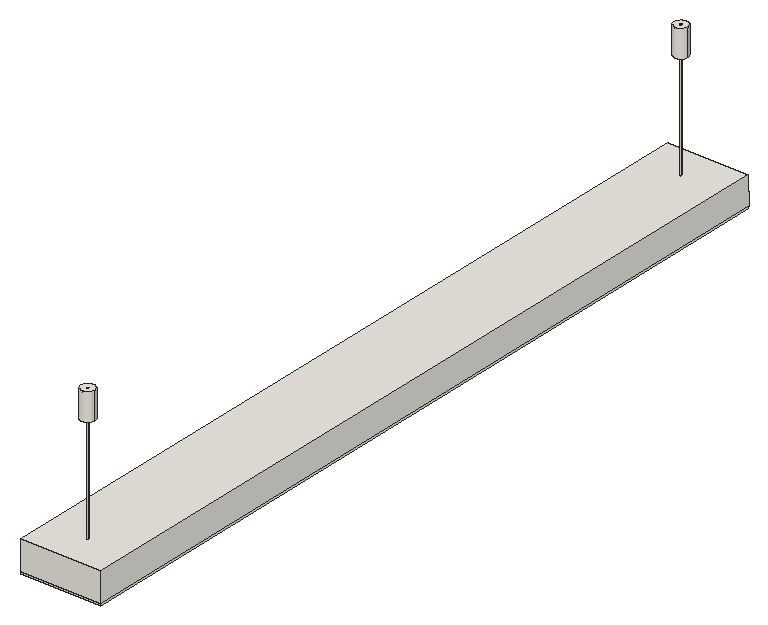
Revit family "ERA_LF_PR_SPO-532", category Осветительные приборы, Revit 2019 (continued)
Types (4, lengths in mm): name | built-in parameter 1150134 | Файл фотометрической сетки | built-in parameter 1150142 | _УГО_Длина | _УГО_Диаметр | Lumens | Emit from Rectangle Length | _Корпус_Длина | built-in parameter 1150107 | _Подвес_Расстояние | URL | ADSK_Размер_Длина | ADSK_Полная мощность | ADSK_Номинальная мощность | ADSK_Масса | ADSK_Марка | ADSK_Обозначение | ADSK_Наименование
  SPO-532-0-65K-036, LED, IP20, 1200х60х23 мм (ДхШхВ), 36 Вт, 6500 К, 3300 лм, класс защиты I, в комплекте (импульсный драйвер, поликарбонат) | SPO-532-0-40K-018.ies | "SPO-532-0-65K-036.ies" | "IESNA:LM-63-1995\r\n[DATA] 14.08.2014\r\n[MANUFAC]??ÐÀ\r\n[LUMCAT] \r\n[LUMINAIRE]  SPO-532-0-65K-036\r\n[LAMP] LED\r\nTILT=NONE\r\n1 3500 3.302 46 37 1 2 1.200 0.060 0.023\r\n1 1 35.6\r\n0.0000 2.0000 4.0000 6.0000 8.0000 10.0000 12.0000 14.0000 16.0000 18.0000 20.0000 22.0000 24.0000 26.0000 28.0000 30.0000 32.0000 34.0000 36.0000 38.0000 40.0000 42.0000 44.0000 46.0000 48.0000 50.0000 52.0000 54.0000 56.0000 58.0000 60.0000 62.0000 64.0000 66.0000 68.0000 70.0000 72.0000 74.0000 76.0000 78.0000 80.0000 82.0000 84.0000 86.0000 88.0000 90.0000 \r\n0.0000 10.0000 20.0000 30.0000 40.0000 50.0000 60.0000 70.0000 80.0000 90.0000 100.0000 110.0000 120.0000 130.0000 140.0000 150.0000 160.0000 170.0000 180.0000 190.0000 200.0000 210.0000 220.0000 230.0000 240.0000 250.0000 260.0000 270.0000 280.0000 290.0000 300.0000 310.0000 320.0000 330.0000 340.0000 350.0000 360.0000 \r\n351.8476 351.8476 351.0617 349.4898 347.6558 345.0360 342.4161 338.7483 334.8185 330.3648 325.1250 320.1473 314.1216 308.0959 301.0223 293.9487 286.6130 278.2295 270.6319 261.7243 253.0788 244.1713 234.4778 225.0463 215.0908 204.8733 194.6558 184.4384 173.9589 163.4795 152.4760 141.7346 130.7312 119.9897 108.9863 98.2449 87.7654 77.0240 66.8065 56.5890 46.3716 36.9401 27.7706 18.6010 10.4795 3.1438 \r\n351.8476 351.8318 351.0459 349.4819 347.6558 345.0281 342.4240 338.7325 334.8185 330.3648 325.1408 320.1473 314.1137 308.0801 301.0223 293.9487 286.6051 278.2374 270.6240 261.7243 253.0709 244.1634 234.4699 225.0384 215.0829 204.8733 194.6637 184.4384 173.9668 163.4953 152.4839 141.7425 130.7391 119.9976 109.0100 98.2607 87.7733 77.0556 66.8302 56.6206 46.4032 36.9717 27.7863 18.6247 10.5032 3.1596 \r\n351.8476 351.7863 351.0004 349.4591 347.6558 345.0053 342.4468 338.6870 334.8185 330.3648 325.1863 320.1473 314.0910 308.0346 301.0223 293.9487 286.5824 278.2601 270.6012 261.7243 253.0481 244.1406 234.4471 225.0156 215.0601 204.8733 194.6865 184.4384 173.9896 163.5408 152.5067 141.7652 130.7618 120.0204 109.0782 98.3062 87.7961 77.1466 66.8985 56.7116 46.4942 37.0627 27.8318 18.6930 10.5714 3.2051 \r\n351.8476 351.7166 350.9307 349.4243 347.6558 344.9705 342.4816 338.6173 334.8185 330.3648 325.2560 320.1473 314.0561 307.9649 301.0223 293.9487 286.5475 278.2950 270.5664 261.7243 253.0133 244.1058 234.4123 224.9808 215.0253 204.8733 194.7213 184.4384 174.0244 163.6105 152.5415 141.8001 130.7967 120.0552 109.1828 98.3759 87.8309 77.2860 67.0030 56.8510 46.6336 37.2021 27.9015 18.7975 10.6759 3.2748 \r\n351.8476 351.6311 350.8452 349.3815 347.6558 344.9277 342.5244 338.5318 334.8185 330.3648 325.3415 320.1473 314.0134 307.8794 301.0223 293.9487 286.5048 278.3377 270.5236 261.7243 252.9705 244.0630 234.3695 224.9380 214.9825 204.8733 194.7641 184.4384 174.0672 163.6960 152.5843 141.8428 130.8394 120.0980 109.3111 98.4614 87.8737 77.4570 67.1313 57.0220 46.8046 37.3731 27.9870 18.9258 10.8042 3.3603 \r\n351.8476 351.5401 350.7542 349.3360 347.6558 344.8822 342.5699 338.4408 334.8185 330.3648 325.4325 320.1473 313.9679 307.7884 301.0223 293.9487 286.4593 278.3832 270.4781 261.7243 252.9250 244.0175 234.3240 224.8925 214.9370 204.8733 194.8096 184.4384 174.1127 163.7869 152.6298 141.8883 130.8849 120.1435 109.4475 98.5524 87.9192 77.6389 67.2677 57.2040 46.9865 37.5550 28.0780 19.0623 10.9407 3.4513 \r\n351.8476 351.4546 350.6687 349.2933 347.6558 344.8395 342.6126 338.3553 334.8185 330.3648 325.5180 320.1473 313.9251 307.7029 301.0223 293.9487 286.4165 278.4260 270.4354 261.7243 252.8823 243.9748 234.2813 224.8498 214.8943 204.8733 194.8523 184.4384 174.1554 163.8724 152.6725 141.9311 130.9277 120.1862 109.5758 98.6379 87.9619 77.8099 67.3960 57.3750 47.1575 37.7260 28.1635 19.1905 11.0689 3.5368 \r\n351.8476 351.3849 350.5990 349.2584 347.6558 344.8046 342.6475 338.2856 334.8185 330.3648 325.5877 320.1473 313.8903 307.6332 301.0223 293.9487 286.3817 278.4608 270.4005 261.7243 252.8474 243.9399 234.2464 224.8149 214.8594 204.8733 194.8872 184.4384 174.1903 163.9421 152.7074 141.9659 130.9625 120.2211 109.6803 98.7076 87.9968 77.9493 67.5005 57.5144 47.2969 37.8654 28.2332 19.2950 11.1735 3.6065 \r\n351.8476 351.3395 350.5535 349.2357 347.6558 344.7819 342.6702 338.2401 334.8185 330.3648 325.6332 320.1473 313.8675 307.5877 301.0223 293.9487 286.3589 278.4836 270.3778 261.7243 252.8247 243.9172 234.2237 224.7922 214.8367 204.8733 194.9099 184.4384 174.2130 163.9876 152.7301 141.9887 130.9853 120.2438 109.7486 98.7530 88.0195 78.0403 67.5688 57.6054 47.3879 37.9564 28.2787 19.3633 11.2417 3.6520 \r\n351.8476 351.3237 350.5377 349.2278 347.6558 344.7740 342.6781 338.2243 334.8185 330.3648 325.6490 320.1473 313.8596 307.5719 301.0223 293.9487 286.3510 278.4915 270.3699 261.7243 252.8168 243.9093 234.2158 224.7843 214.8288 204.8733 194.9178 184.4384 174.2209 164.0034 152.7380 141.9966 130.9932 120.2517 109.7723 98.7688 88.0274 78.0719 67.5925 57.6370 47.4195 37.9880 28.2945 19.3870 11.2654 3.6678 \r\n351.8476 351.3237 350.5140 349.2278 347.6242 344.7424 342.6307 338.2006 334.7790 330.2936 325.5700 320.0604 313.7727 307.5008 300.9433 293.8776 286.2799 278.4204 270.2751 261.6295 252.7220 243.8066 234.1210 224.7132 214.7656 204.8259 194.8704 184.4068 174.1893 163.9560 152.7143 141.9650 130.9695 120.2122 109.7328 98.7293 87.9879 78.0087 67.5214 57.5580 47.3405 37.9011 28.2392 19.3080 11.1396 3.6196 \r\n351.8476 351.3237 350.4458 349.2278 347.5333 344.6514 342.4942 338.1324 334.6653 330.0889 325.3425 319.8102 313.5225 307.2961 300.7158 293.6728 286.0752 278.2156 270.0021 261.3566 252.4490 243.5109 233.8480 224.5084 214.5836 204.6894 194.7339 184.3158 174.0983 163.8196 152.6461 141.8740 130.9012 120.0985 109.6190 98.6156 87.8742 77.8267 67.3166 57.3305 47.1131 37.6509 28.0800 19.0805 10.7775 3.4808 \r\n351.8476 351.3237 350.3412 349.2278 347.3939 344.5120 342.2851 338.0278 334.4910 329.7753 324.9940 319.4268 313.1391 306.9825 300.3673 293.3592 285.7616 277.9020 269.5839 260.9384 252.0308 243.0578 233.4298 224.1948 214.3048 204.4803 194.5248 184.1764 173.9589 163.6105 152.5415 141.7346 130.7967 119.9242 109.4448 98.4414 87.6999 77.5479 67.0030 56.9820 46.7645 37.2675 27.8360 18.7320 10.2226 3.2682 \r\n351.8476 351.3237 350.2130 349.2278 347.2229 344.3410 342.0286 337.8996 334.2773 329.3905 324.5665 318.9566 312.6689 306.5977 299.9398 292.9744 285.3768 277.5172 269.0709 260.4254 251.5178 242.5020 232.9168 223.8100 213.9628 204.2238 194.2683 184.0054 173.7879 163.3540 152.4133 141.5636 130.6684 119.7105 109.2310 98.2276 87.4862 77.2059 66.6182 56.5545 46.3370 36.7973 27.5368 18.3045 9.5420 3.0074 \r\n351.8476 351.3237 350.0765 349.2278 347.0409 344.1590 341.7557 337.7631 334.0498 328.9811 324.1116 318.4561 312.1685 306.1883 299.4849 292.5650 284.9674 277.1078 268.5250 259.8794 250.9719 241.9106 232.3709 223.4006 213.5989 203.9509 193.9954 183.8234 173.6059 163.0810 152.2768 141.3816 130.5319 119.4830 109.0036 98.0001 87.2587 76.8420 66.2088 56.0996 45.8821 36.2969 27.2183 17.8496 8.8176 2.7298 \r\n351.8476 351.3237 349.9482 349.2278 346.8699 343.9880 341.4992 337.6349 333.8361 328.5963 323.6841 317.9859 311.6982 305.8035 299.0574 292.1802 284.5826 276.7230 268.0120 259.3664 250.4589 241.3549 231.8579 223.0158 213.2569 203.6944 193.7389 183.6524 173.4349 162.8245 152.1486 141.2106 130.4037 119.2693 108.7898 97.7864 87.0449 76.5000 65.8241 55.6721 45.4546 35.8266 26.9191 17.4221 8.1370 2.4690 \r\n351.8476 351.3237 349.8437 349.2278 346.7305 343.8486 341.2901 337.5303 333.6618 328.2827 323.3356 317.6025 311.3149 305.4899 298.7089 291.8666 284.2690 276.4094 267.5938 258.9482 250.0407 240.9018 231.4397 222.7022 212.9781 203.4853 193.5298 183.5130 173.2955 162.6154 152.0440 141.0712 130.2991 119.0950 108.6156 97.6121 86.8707 76.2212 65.5104 55.3236 45.1061 35.4433 26.6751 17.0736 7.5821 2.2564 \r\n351.8476 351.3237 349.7754 349.2278 346.6395 343.7577 341.1536 337.4621 333.5481 328.0780 323.1081 317.3523 311.0647 305.2852 298.4814 291.6619 284.0643 276.2047 267.3208 258.6753 249.7678 240.6061 231.1667 222.4975 212.7961 203.3488 193.3933 183.4220 173.2046 162.4789 151.9758 140.9802 130.2309 118.9813 108.5018 97.4984 86.7570 76.0392 65.3057 55.0961 44.8787 35.1931 26.5159 16.8461 7.2200 2.1176 \r\n351.8476 351.3237 349.7517 349.2278 346.6079 343.7261 341.1062 337.4384 333.5086 328.0069 323.0291 317.2654 310.9778 305.2141 298.4024 291.5908 283.9932 276.1336 267.2260 258.5805 249.6730 240.5034 231.0719 222.4264 212.7329 203.3014 193.3459 183.3904 173.1730 162.4315 151.9521 140.9486 130.2072 118.9418 108.4623 97.4589 86.7175 75.9760 65.2346 55.0171 44.7997 35.1062 26.4606 16.7671 7.0942 2.0694 \r\n351.8476 351.3237 349.7517 349.1962 346.6079 343.7182 341.0904 337.4068 333.4770 327.9990 323.0212 317.2496 310.9778 305.1904 298.3866 291.5671 283.9537 276.0941 267.2023 258.5489 249.6572 240.5034 231.0798 222.4185 212.7092 203.2540 193.2906 183.3272 173.0861 162.3762 151.9047 140.9091 130.1677 118.9260 108.4386 97.4510 86.7175 75.9918 65.2662 55.0487 44.8313 35.1378 26.4237 16.5392 6.9539 2.0212 \r\n351.8476 351.3237 349.7517 349.1052 346.6079 343.6954 341.0449 337.3158 333.3860 327.9762 322.9985 317.2041 310.9778 305.1221 298.3411 291.4988 283.8399 275.9803 267.1341 258.4579 249.6117 240.5034 231.1026 222.3957 212.6409 203.1175 193.1314 183.1452 172.8358 162.2170 151.7682 140.7954 130.0540 118.8805 108.3704 97.4283 86.7175 76.0373 65.3572 55.1397 44.9223 35.2288 26.3174 15.8831 6.5498 1.8823 \r\n351.8476 351.3237 349.7517 348.9658 346.6079 343.6606 340.9752 337.1764 333.2466 327.9414 322.9636 317.1344 310.9778 305.0176 298.2714 291.3943 283.6657 275.8061 267.0296 258.3185 249.5420 240.5034 231.1374 222.3609 212.5364 202.9084 192.8874 182.8664 172.4525 161.9730 151.5591 140.6211 129.8797 118.8108 108.2658 97.3934 86.7175 76.1070 65.4966 55.2791 45.0617 35.3682 26.1545 14.8778 5.9308 1.6695 \r\n351.8476 351.3237 349.7517 348.7948 346.6079 343.6178 340.8897 337.0054 333.0756 327.8986 322.9209 317.0489 310.9778 304.8893 298.1859 291.2660 283.4519 275.5923 266.9013 258.1475 249.4565 240.5034 231.1802 222.3181 212.4081 202.6519 192.5882 182.5244 171.9822 161.6738 151.3026 140.4074 129.6660 118.7253 108.1376 97.3507 86.7175 76.1925 65.6676 55.4501 45.2327 35.5392 25.9548 13.6446 5.1715 1.4084 \r\n351.8476 351.3237 349.7517 348.6128 346.6079 343.5723 340.7987 336.8234 332.8936 327.8531 322.8754 316.9580 310.9778 304.7528 298.0949 291.1295 283.2245 275.3649 266.7648 257.9655 249.3655 240.5034 231.2257 222.2726 212.2717 202.3789 192.2697 182.1605 171.4818 161.3553 151.0296 140.1799 129.4385 118.6343 108.0011 97.3052 86.7175 76.2835 65.8496 55.6321 45.4146 35.7211 25.7422 12.3323 4.3634 1.1306 \r\n351.8476 351.3237 349.7517 348.4418 346.6079 343.5296 340.7132 336.6524 332.7226 327.8104 322.8326 316.8725 310.9778 304.6246 298.0094 291.0013 283.0107 275.1511 266.6366 257.7945 249.2800 240.5034 231.2684 222.2299 212.1434 202.1224 191.9705 181.8185 171.0115 161.0561 150.7731 139.9662 129.2247 118.5488 107.8729 97.2624 86.7175 76.3690 66.0206 55.8031 45.5856 35.8921 25.5424 11.0992 3.6040 0.8696 \r\n351.8476 351.3237 349.7517 348.3024 346.6079 343.4947 340.6435 336.5130 332.5832 327.7755 322.7978 316.8028 310.9778 304.5200 297.9397 290.8968 282.8365 274.9769 266.5320 257.6551 249.2103 240.5034 231.3033 222.1950 212.0389 201.9133 191.7265 181.5397 170.6282 160.8121 150.5640 139.7919 129.0505 118.4791 107.7683 97.2276 86.7175 76.4387 66.1600 55.9425 45.7250 36.0315 25.3795 10.0939 2.9850 0.6568 \r\n351.8476 351.3237 349.7517 348.2114 346.6079 343.4720 340.5980 336.4220 332.4922 327.7528 322.7750 316.7573 310.9778 304.4518 297.8942 290.8285 282.7227 274.8631 266.4638 257.5641 249.1648 240.5034 231.3260 222.1723 211.9706 201.7769 191.5673 181.3577 170.3780 160.6529 150.4275 139.6782 128.9368 118.4336 107.7001 97.2048 86.7175 76.4842 66.2509 56.0335 45.8160 36.1225 25.2732 9.4378 2.5810 0.5179 \r\n351.8476 351.3237 349.7517 348.1798 346.6079 343.4641 340.5822 336.3904 332.4606 327.7449 322.7671 316.7415 310.9778 304.4281 297.8784 290.8048 282.6832 274.8237 266.4401 257.5326 249.1490 240.5034 231.3339 222.1644 211.9469 201.7295 191.5120 181.2945 170.2911 160.5976 150.3801 139.6387 128.8973 118.4178 107.6764 97.1969 86.7175 76.5000 66.2825 56.0651 45.8476 36.1541 25.2363 9.2100 2.4407 0.4697 \r\n351.8476 351.3395 349.7912 348.2193 346.6395 343.5115 340.6375 336.4615 332.5318 327.8239 322.8383 316.8442 311.0726 304.5387 297.9733 290.8996 282.8018 274.9264 266.5665 257.6590 249.2675 240.6141 231.4287 222.2513 212.0417 201.8243 191.6068 181.3893 170.4017 160.6845 150.4434 139.7019 128.9526 118.4652 107.7159 97.2285 86.7491 76.5158 66.2983 56.0809 45.8634 36.1778 25.3128 9.4932 2.6831 0.5503 \r\n351.8476 351.3850 349.9050 348.3331 346.7305 343.6480 340.7968 336.6663 332.7365 328.0514 323.0430 317.1399 311.3455 304.8572 298.2462 291.1726 283.1430 275.2221 266.9305 258.0229 249.6087 240.9325 231.7017 222.5015 212.3147 202.0973 191.8798 181.6623 170.7202 160.9347 150.6253 139.8839 129.1118 118.6017 107.8296 97.3195 86.8401 76.5613 66.3438 56.1264 45.9089 36.2461 25.5328 10.3086 3.3811 0.7825 \r\n351.8476 351.4547 350.0792 348.5073 346.8699 343.8571 341.0407 336.9799 333.0501 328.3999 323.3566 317.5930 311.7638 305.3451 298.6644 291.5908 283.6657 275.6751 267.4881 258.5805 250.1315 241.4204 232.1199 222.8849 212.7329 202.5155 192.2980 182.0805 171.2081 161.3181 150.9041 140.1627 129.3558 118.8108 108.0039 97.4589 86.9795 76.6310 66.4135 56.1961 45.9786 36.3506 25.8699 11.5578 4.4505 1.1382 \r\n351.8476 351.5402 350.2930 348.7211 347.0409 344.1136 341.3400 337.3647 333.4349 328.8274 323.7414 318.1487 312.2768 305.9436 299.1774 292.1038 284.3070 276.2309 268.1721 259.2645 250.7727 242.0189 232.6329 223.3551 213.2459 203.0285 192.8110 182.5935 171.8066 161.7884 151.2461 140.5047 129.6550 119.0673 108.2176 97.6299 87.1505 76.7165 66.4990 56.2816 46.0641 36.4789 26.2834 13.0902 5.7622 1.5746 \r\n351.8476 351.6311 350.5205 348.9485 347.2229 344.3865 341.6584 337.7741 333.8443 329.2823 324.1508 318.7401 312.8227 306.5805 299.7234 292.6497 284.9894 276.8223 268.9000 259.9924 251.4551 242.6558 233.1788 223.8556 213.7919 203.5744 193.3569 183.1395 172.4435 162.2888 151.6101 140.8687 129.9735 119.3403 108.4451 97.8119 87.3324 76.8075 66.5900 56.3726 46.1551 36.6153 26.7235 14.7210 7.1581 2.0390 \r\n351.8476 351.7166 350.7342 349.1623 347.3939 344.6430 341.9577 338.1589 334.2291 329.7098 324.5356 319.2959 313.3357 307.1790 300.2364 293.1627 285.6306 277.3781 269.5840 260.6764 252.0964 243.2543 233.6918 224.3258 214.3048 204.0874 193.8699 183.6524 173.0420 162.7590 151.9521 141.2107 130.2727 119.5968 108.6588 97.9829 87.5034 76.8930 66.6755 56.4581 46.2406 36.7436 27.1370 16.2534 8.4699 2.4753 \r\n351.8476 351.7863 350.9084 349.3365 347.5333 344.8521 342.2016 338.4725 334.5427 330.0583 324.8492 319.7489 313.7539 307.6669 300.6546 293.5809 286.1534 277.8311 270.1416 261.2340 252.6191 243.7422 234.1100 224.7092 214.7230 204.5056 194.2881 184.0706 173.5299 163.1424 152.2309 141.4894 130.5167 119.8059 108.8331 98.1223 87.6428 76.9627 66.7452 56.5278 46.3103 36.8481 27.4741 17.5026 9.5392 2.8310 \r\n351.8476 351.8318 351.0222 349.4503 347.6243 344.9886 342.3608 338.6772 334.7474 330.2858 325.0539 320.0446 314.0268 307.9853 300.9275 293.8539 286.4946 278.1268 270.5055 261.5980 252.9603 244.0607 234.3830 224.9594 214.9960 204.7785 194.5611 184.3436 173.8483 163.3926 152.4129 141.6714 130.6759 119.9423 108.9468 98.2133 87.7338 77.0082 66.7907 56.5732 46.3558 36.9164 27.6941 18.3179 10.2371 3.0632 \r\n351.8476 351.8476 351.0617 349.4898 347.6558 345.0360 342.4161 338.7483 334.8185 330.3648 325.1250 320.1473 314.1216 308.0959 301.0223 293.9487 286.6130 278.2295 270.6319 261.7243 253.0788 244.1713 234.4778 225.0463 215.0908 204.873
    3 194.6558 184.4384 173.9589 163.4795 152.4760 141.7346 130.7312 119.9897 108.9863 98.2449 87.7654 77.0240 66.8065 56.5890 46.3716 36.9401 27.7706 18.6010 10.4795 3.1438 \r\n" | 12.00 | 12.00 | 3300 lm | 1200.00 | 1200.00 | 6500 (stored number, unit not read) | 1150.00 | "https://www.eraworld.ru/catalog/2650726" | 1200.00 | 40 VA | 36 W | 0.53 | "SPO-532-0-65K-036" | "SPO-532-0-65K-036" | "Светильник, LED, прямоугольный, подвесной, IP20, 1200х60х23 мм (ДхШхВ), 36 Вт, 6500 К, 3300 лм, класс защиты I, в комплекте (импульсный драйвер, поликарбонат)"
